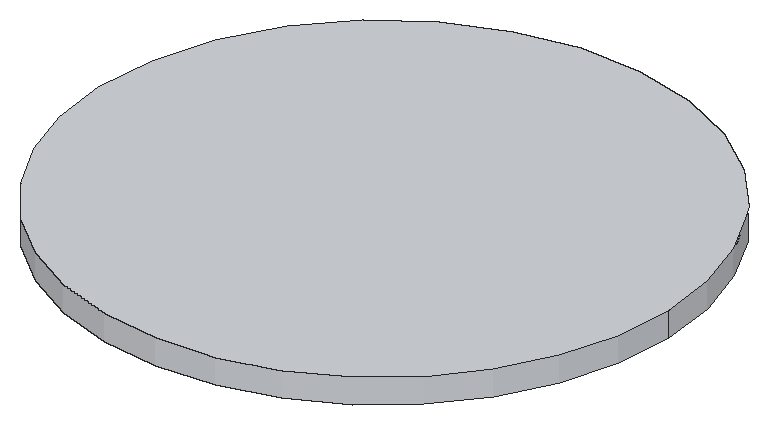
Revit family "Sanitary_Bidets_Sanindusa_Look-Wall-Mounted-Bidet-With-Holes-For-Lid", category Plumbing Fixtures, host Wall, Revit 2018
Family settings
  Host = Wall
  Round Connector Dimension = Use Diameter
  Part Type = Normal
  OmniClass Number = 23.45.00.00
  OmniClass Title = Sanitary, Laundry, and Cleaning Equipment
  Always vertical = Yes
  Cut with Voids When Loaded = No
  Shared = No
  Room Calculation Point = No
Parameters (values of type "SaninusaBidé134455004")
  Weight = 20.00 kg
  WarrantyStartDate = "1900-12-31T23:59:59"
  WarrantyDurationUnit = "year"
  WarrantyDurationParts = "5"
  WarrantyDescription = "https://www.tec.sanindusa.pt/downloads/file1168_gb.pdf\r\nThe warranty will come into force from the moment the warranty detachable bulletin that accompanies the product is received at Sanindusa or from the moment the product is sold to the distributer.\r\nOnly if the customer issues a writen and justified (Country laws, state laws, commercial strategy) request to Sanindusa, may the above mentioned warranties be the object of a possible change. 2 Year warranty for electronic components."
  Version = "2"
  Uniclass2015Version = "Products v1.6"
  Uniclass2015Title = "Bidets"
  Uniclass2015Code = "Pr_40_20_06_11"
  URL = "www.tec.sanindusa.pt"
  Type Comments = ""
  Type (IFC) = "IfcSanitaryTerminalType"
  TagNumber = "n/a"
  SustainabilityPerformance = "n/a\r\nn/a"
  SpilloverLevel = "116"
  Size = "342x503x300"
  Shape = "n/a"
  SerialNumber = "n/a"
  Revision = "n/a"
  ProductionYear = "2017"
  ProductInformation = "http://www.tec.sanindusa.pt/index.php?id=25&p=3769"
  Product data url = "https://bimobject.com/sanindusa/product/134455004_Look_wall-mounted-bidet-with-woles-for-lid"
  Product Guid = "471586fb-df95-40a7-ae97-a31b776a3e45"
  Pre-defined type (IFC) = "BIDET"
  NominalWidth = 503 mm
  NominalLength = 342 mm
  NominalHeight = 300 mm
  Name = "Bidet_Look"
  NBSReference = "n/a"
  NBSDescription = "n/a"
  ModelReference = "Look"
  ModelNumber = "134455004"
  Model = ""
  Material = "Vitreous China"
  ManufacturerURL = "www.tec.sanindusa.pt"
  ManufacturerName = "Sanindusa"
  Manufacturer = "Sanindusa"
  Keynote = ""
  InstallationDate = "1900-12-31T23:59:59"
  Installation Instructions = "https://www.tec.sanindusa.pt/downloads/intrucoes_montagem/108537.pdf"
  InletDiameter = 35 mm
  Identifier = "n/a"
  Grade = "n/a"
  Finish = "Gloss"
  Features = "Wall mounted bidet, easy to clean. It's the perfect solution. And its modern style fits beautifully with contemporary bathrooms."
  Element Type = "BIDET: Waste water appliance for washing the excretory organs while sitting astride the bowl (BS6100)"
  Edition number = 1
  DrainSize = 44 mm
  Description = "Suspended Bidet Look with holes for lid"
  Cost = 0
  Constituents = "Compatible bidet lid (not included): 2344100-Look bidet lid with clipoff and slowclose system. Compatible suport frames (not inluded): 439-Metal support for wall mounted bidet for pladur, 430-Metal support for wall mounted bidet. 48011-chromed embellishment ring (included)"
  Color = "White"
  CodePerformance = "EN 14528:2007 - CL 25"
  Category = "Pr_40_20_06_11,Bidets"
  BidetMounting = "wallhung"
  BarCode = "n/a"
  BIMObjectName = "Bidet_Look"
  Author = "www.concepsysbim.com"
  AssetType = "Fixed"
  AssetIdentifier = "n/a"
  Assembly Code = ""
  AccessibilityPerformance = "n/a"
Reference planes
  plane 1: y = 0
  plane 2 "Center (Left/Right)": x = 125
  plane 3 "Back": y = 75
  plane 4: z = 420
Forms (mm)
  Extrusion 1, solid, not visible
    sketch origin (0, 0, 0) x (1, 0, 0) y (0, 1, 0)
      loop
        circle (125, 138) r 17.5
    from 420 to 415
  Extrusion 2, solid
    sketch origin (0, 0, 0) x (1, 0, 0) y (0, 1, 0)
      loop
        circle (125, 300) r 23
    from 120 to 122
Text (mm)
  text "Placement side" at (-1787.139, 592.35, 0), in view "Ref. Level"
  text "Placement side" at (0, 1827.695, 2917.686), in view "Left"
  text "Placement side" at (0, 562.268, 3853.606), in view "Right"
Dimensions and locks
  locked: plane 3 "Back" to host wall at 0
  level to plane 4 = 420 mm
  aligned and locked: host wall to plane 1
  aligned and locked: nested 1 to host wall
  aligned and locked: plane 4 to nested 1
  aligned and locked: Extrusion 1 to nested 1
  aligned and locked: nested 1 to Extrusion 1
  aligned and locked: nested 1 to Extrusion 2
Nested families
  nested 1: "Sanindusa_Bidé_16" at (125, 75, 120), type "Sanindusa_Bidé_16"
Connectors
  piping at (125, 300, 120), diameter 44
    settings: on Extrusion 2, index 2, connector inside diameter 609.6 mm, connector length 0 mm, flow factor 0, pipe flow 0.0 L/s, pressure drop 0.0 Pa, fitting loss kfactor 0, connector angle 0.00°, fixture units 0, engagement length 0 mm, angle of deflection 0.00°, flow configuration 0, flow direction 2, fitting loss method 0, system type 16, joint type 0, gender type 0, connector reference index -1, connector utility 0, adjustable connector no, is connector primary yes, connector description ""
Definition of nested family "Sanindusa_Bidé_16"
  Reference planes
    plane 1 "Center (Front/Back)": y = 0
    plane 2: z = 0
    plane 3 "Center (Left/Right)": x = 0
  Dimensions and locks
    aligned and locked: level to plane 2
    aligned and locked: nested 1 to import instance
    aligned and locked: plane 1 "Center (Front/Back)" to import instance
  Imported bodies without a history: 1
  Nested families
    nested 1: "Sanindusa_Bidé_Front" at (0, 0, 0) x (1, 0, 0) z (0, -1, 0), type "Sanindusa_Bidé_Front"
    nested 2: "Sanindusa_Bidé_Left" at (0, 0, 0) x (0, -1, 0) z (1, 0, 0), type "Sanindusa_Bidé_Left"
    nested 3: "Sanindusa_Bidé_Top" at (0, 0, 0), type "Sanindusa_Bidé_Top"
  Definition of nested family "Sanindusa_Bidé_Front"
    Reference planes
      plane 1 "Center (Front/Back)": y = 0
      plane 2: z = 0
      plane 3 "Center (Left/Right)": x = 0
    Dimensions and locks
      aligned and locked: plane 1 "Center (Front/Back)" to import instance
      aligned and locked: plane 3 "Center (Left/Right)" to import instance
  Definition of nested family "Sanindusa_Bidé_Left"
    Reference planes
      plane 1 "Center (Front/Back)": y = 0
      plane 2: z = 0
      plane 3 "Center (Left/Right)": x = 0
    Dimensions and locks
      aligned and locked: import instance to plane 1 "Center (Front/Back)"
  Definition of nested family "Sanindusa_Bidé_Top"
    Reference planes
      plane 1 "Center (Front/Back)": y = 0
      plane 2: z = 0
      plane 3 "Center (Left/Right)": x = 0
